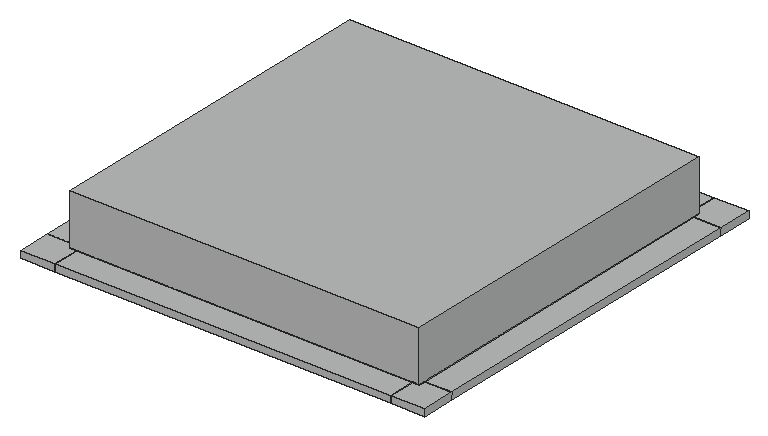
Revit family "ALUMOGIPS", category Осветительные приборы, Revit 2019 (continued)
Types (72, lengths in mm): name | Файл фотометрической сетки | built-in parameter 1150105 | Lumens | built-in parameter 1150106 | built-in parameter 1150142 | Wattage | Emit from Rectangle Width | Emit from Rectangle Length | Длина | Материал светильника | Ширина | ADSK_Ток | ADSK_Полная мощность | ADSK_Обозначение | ADSK_Номинальная мощность | ADSK_Наименование | ADSK_Масса | ADSK_Код изделия
  Alumogips-30/opal-sand 295х595 (IP54, 4000К, серый) c БАП на 1 час | "Светильник ALUMOGIPS-30 OPAL-SAND-(295x595).IES" | 198.94 (stored number, unit not read) | 2500 lm | 1.9894 (stored number, unit not read) | "IESNA:LM-63-95\r\n[TEST] Протокол №80\r\n[DATA]26.06.2016\r\n[MORE] \r\n[MANUFAC] ЗАО \"Центрстройсвет\"\r\n[LUMCAT]  Светильник ALUMOGIPS-30/OPAL-SAND-(295x595)\r\n[LUMINAIRE]\r\n[LAMPCAT] Светодиоды\r\n[LAMP] Поток источника света (светодиодов) не известен\r\n[MORE] КСС приведена в абсолютных величинах кд\r\n[MORE] Вместо потока лампы, указан поток светильника.\r\nTILT=NONE\r\n1    2420 1.0 37 73 1 2 0.295 0.595 0.04\r\n1.0 1.0 28.9\r\n0.0 5.0 10.0 15.0 20.0 25.0 30.0 35.0 40.0 45.0 50.0 55.0 60.0 65.0 70.0 75.0 80.0 85.0 90.0 95.0 100.0 105.0 110.0 115.0 120.0 125.0 130.0 135.0 140.0 145.0 150.0 155.0 160.0 165.0 170.0 175.0 180.0\r\n0.0 5.0 10.0 15.0 20.0 25.0 30.0 35.0 40.0 45.0 50.0 55.0 60.0 65.0 70.0 75.0 80.0 85.0 90.0 95.0 100.0 105.0 110.0 115.0 120.0 125.0 130.0 135.0 140.0 145.0 150.0 155.0 160.0 165.0 170.0 175.0 180.0 185.0 190.0 195.0 200.0 205.0 210.0 215.0 220.0 225.0 230.0 235.0 240.0 245.0 250.0 255.0 260.0 265.0 270.0 275.0 280.0 285.0 290.0 295.0 300.0 305.0 310.0 315.0 320.0 325.0 330.0 335.0 340.0 345.0 350.0 355.0 360.0\r\n911.1 908.3 889.4 861.2 824.6 779.8 729.1 674.3 613.8 546.0 479.1 412.2 342.1 274.7 206.6 142.5 83.1 30.5 0.2 0.0 0.0 0.0 0.0 0.0 0.0 0.0 0.0 0.0 0.0 0.0 0.0 0.0 0.0 0.0 0.0 0.0 0.0\r\n911.1 908.3 890.4 862.2 826.0 781.2 730.0 673.5 610.8 545.9 478.1 412.0 343.0 274.6 207.5 142.8 83.4 31.1 0.3 0.0 0.0 0.0 0.0 0.0 0.0 0.0 0.0 0.0 0.0 0.0 0.0 0.0 0.0 0.0 0.0 0.0 0.0\r\n911.1 908.5 890.5 862.8 826.3 781.1 729.7 670.6 612.5 548.7 480.3 412.7 344.4 275.2 207.5 143.5 83.8 31.5 0.3 0.0 0.0 0.0 0.0 0.0 0.0 0.0 0.0 0.0 0.0 0.0 0.0 0.0 0.0 0.0 0.0 0.0 0.0\r\n911.1 909.2 889.7 860.5 825.1 782.3 731.0 672.5 613.1 547.3 478.2 411.8 342.9 275.2 208.3 143.7 83.9 31.8 0.3 0.0 0.0 0.0 0.0 0.0 0.0 0.0 0.0 0.0 0.0 0.0 0.0 0.0 0.0 0.0 0.0 0.0 0.0\r\n911.1 909.0 891.0 861.5 825.6 782.4 732.7 675.9 611.0 545.2 481.9 413.1 344.4 276.1 208.3 144.0 84.6 32.0 0.3 0.0 0.0 0.0 0.0 0.0 0.0 0.0 0.0 0.0 0.0 0.0 0.0 0.0 0.0 0.0 0.0 0.0 0.0\r\n911.1 908.9 890.1 863.3 826.9 783.2 729.2 673.9 611.8 547.8 480.9 414.1 343.8 275.8 208.6 144.4 85.0 32.4 0.3 0.0 0.0 0.0 0.0 0.0 0.0 0.0 0.0 0.0 0.0 0.0 0.0 0.0 0.0 0.0 0.0 0.0 0.0\r\n911.1 908.9 890.0 862.2 828.3 782.8 731.1 675.1 614.3 547.6 481.3 413.0 345.8 276.7 208.8 145.0 85.3 32.6 0.4 0.0 0.0 0.0 0.0 0.0 0.0 0.0 0.0 0.0 0.0 0.0 0.0 0.0 0.0 0.0 0.0 0.0 0.0\r\n911.1 908.5 891.5 865.2 825.7 780.8 732.5 674.6 615.0 551.3 482.1 414.1 345.1 277.4 208.6 145.5 85.5 33.2 0.5 0.0 0.0 0.0 0.0 0.0 0.0 0.0 0.0 0.0 0.0 0.0 0.0 0.0 0.0 0.0 0.0 0.0 0.0\r\n911.1 908.2 891.4 865.6 827.3 781.0 734.3 676.9 614.9 549.4 482.0 413.8 346.2 277.0 209.5 145.9 86.0 33.8 0.4 0.0 0.0 0.0 0.0 0.0 0.0 0.0 0.0 0.0 0.0 0.0 0.0 0.0 0.0 0.0 0.0 0.0 0.0\r\n911.1 908.7 891.0 864.3 829.6 784.0 732.9 673.2 614.9 550.2 484.5 414.8 346.4 277.8 210.5 146.4 87.2 33.9 0.6 0.0 0.0 0.0 0.0 0.0 0.0 0.0 0.0 0.0 0.0 0.0 0.0 0.0 0.0 0.0 0.0 0.0 0.0\r\n911.1 909.3 890.7 863.4 828.2 782.7 733.6 675.6 617.1 551.3 485.9 416.5 347.0 279.5 211.3 147.1 87.6 34.5 0.8 0.0 0.0 0.0 0.0 0.0 0.0 0.0 0.0 0.0 0.0 0.0 0.0 0.0 0.0 0.0 0.0 0.0 0.0\r\n911.1 908.7 892.5 864.0 829.2 784.2 733.3 676.9 615.6 551.9 484.7 416.9 348.3 279.6 211.6 148.3 88.1 35.0 0.9 0.0 0.0 0.0 0.0 0.0 0.0 0.0 0.0 0.0 0.0 0.0 0.0 0.0 0.0 0.0 0.0 0.0 0.0\r\n911.1 907.6 892.1 865.2 827.4 784.6 731.8 676.8 617.7 552.8 485.1 418.8 350.7 281.3 212.5 148.4 89.0 35.7 1.0 0.0 0.0 0.0 0.0 0.0 0.0 0.0 0.0 0.0 0.0 0.0 0.0 0.0 0.0 0.0 0.0 0.0 0.0\r\n911.1 907.1 892.1 864.5 830.2 788.3 733.6 677.4 617.3 552.0 487.9 420.8 349.8 281.3 213.4 149.2 89.9 36.2 1.3 0.0 0.0 0.0 0.0 0.0 0.0 0.0 0.0 0.0 0.0 0.0 0.0 0.0 0.0 0.0 0.0 0.0 0.0\r\n911.1 907.7 891.9 865.7 828.5 785.6 735.2 678.9 620.0 555.8 488.8 421.1 351.5 282.7 215.2 149.7 90.8 36.9 1.5 0.0 0.0 0.0 0.0 0.0 0.0 0.0 0.0 0.0 0.0 0.0 0.0 0.0 0.0 0.0 0.0 0.0 0.0\r\n911.1 907.8 891.0 864.8 830.1 786.1 738.7 679.4 616.5 556.6 490.6 420.2 352.4 284.5 215.4 151.3 91.1 37.6 1.5 0.0 0.0 0.0 0.0 0.0 0.0 0.0 0.0 0.0 0.0 0.0 0.0 0.0 0.0 0.0 0.0 0.0 0.0\r\n911.1 907.6 892.2 865.5 829.8 785.3 740.8 681.1 621.3 555.2 488.2 422.8 352.5 285.0 216.2 151.5 92.2 38.3 1.9 0.0 0.0 0.0 0.0 0.0 0.0 0.0 0.0 0.0 0.0 0.0 0.0 0.0 0.0 0.0 0.0 0.0 0.0\r\n911.1 907.4 892.1 866.1 829.8 787.6 737.3 681.4 621.4 556.0 491.1 422.7 354.9 284.7 217.1 152.4 93.0 39.4 2.0 0.0 0.0 0.0 0.0 0.0 0.0 0.0 0.0 0.0 0.0 0.0 0.0 0.0 0.0 0.0 0.0 0.0 0.0\r\n911.1 907.1 892.7 864.9 831.7 788.2 738.4 680.3 623.5 555.8 491.4 423.2 354.0 286.0 218.2 152.8 93.7 40.1 1.9 0.0 0.0 0.0 0.0 0.0 0.0 0.0 0.0 0.0 0.0 0.0 0.0 0.0 0.0 0.0 0.0 0.0 0.0\r\n911.1 907.4 892.3 867.6 830.6 789.2 737.9 683.1 622.5 558.1 492.5 424.4 355.9 287.7 219.1 154.3 94.7 40.4 2.5 0.0 0.0 0.0 0.0 0.0 0.0 0.0 0.0 0.0 0.0 0.0 0.0 0.0 0.0 0.0 0.0 0.0 0.0\r\n911.1 907.5 892.4 866.9 832.1 790.0 736.6 683.9 623.3 559.4 493.1 425.9 357.0 288.4 220.1 155.2 95.3 41.1 2.6 0.0 0.0 0.0 0.0 0.0 0.0 0.0 0.0 0.0 0.0 0.0 0.0 0.0 0.0 0.0 0.0 0.0 0.0\r\n911.1 906.9 893.0 866.2 832.9 789.5 740.6 686.4 622.6 558.9 494.6 425.2 357.7 289.6 220.8 156.1 95.8 41.9 2.6 0.0 0.0 0.0 0.0 0.0 0.0 0.0 0.0 0.0 0.0 0.0 0.0 0.0 0.0 0.0 0.0 0.0 0.0\r\n911.1 906.5 892.0 867.1 832.6 789.9 741.4 686.3 627.3 561.0 497.2 429.6 357.8 290.1 222.7 156.4 96.7 42.4 3.1 0.0 0.0 0.0 0.0 0.0 0.0 0.0 0.0 0.0 0.0 0.0 0.0 0.0 0.0 0.0 0.0 0.0 0.0\r\n911.1 906.8 892.3 868.3 834.8 789.8 739.1 686.9 625.0 562.3 496.2 428.6 359.5 290.7 222.5 158.0 97.5 42.6 3.4 0.0 0.0 0.0 0.0 0.0 0.0 0.0 0.0 0.0 0.0 0.0 0.0 0.0 0.0 0.0 0.0 0.0 0.0\r\n911.1 907.7 893.1 868.2 834.1 793.7 743.1 687.9 626.4 562.8 495.5 430.8 360.5 292.6 223.4 158.6 97.7 43.5 3.3 0.0 0.0 0.0 0.0 0.0 0.0 0.0 0.0 0.0 0.0 0.0 0.0 0.0 0.0 0.0 0.0 0.0 0.0\r\n911.1 908.2 893.8 868.2 835.6 793.6 743.3 688.3 626.0 564.5 498.1 431.2 361.0 293.4 224.3 158.9 98.6 44.0 3.5 0.0 0.0 0.0 0.0 0.0 0.0 0.0 0.0 0.0 0.0 0.0 0.0 0.0 0.0 0.0 0.0 0.0 0.0\r\n911.1 906.7 894.2 868.9 835.7 792.8 743.7 688.3 628.3 564.5 497.7 430.5 361.2 293.3 224.8 160.4 99.3 44.4 3.7 0.0 0.0 0.0 0.0 0.0 0.0 0.0 0.0 0.0 0.0 0.0 0.0 0.0 0.0 0.0 0.0 0.0 0.0\r\n911.1 906.5 894.7 867.9 834.7 795.0 744.2 689.6 630.1 566.4 499.6 431.8 363.0 294.1 225.6 160.8 100.0 45.1 3.6 0.0 0.0 0.0 0.0 0.0 0.0 0.0 0.0 0.0 0.0 0.0 0.0 0.0 0.0 0.0 0.0 0.0 0.0\r\n911.1 906.5 895.1 869.9 835.9 794.8 744.6 690.7 627.4 566.4 500.2 432.4 364.0 294.7 227.0 161.2 100.6 45.6 3.8 0.0 0.0 0.0 0.0 0.0 0.0 0.0 0.0 0.0 0.0 0.0 0.0 0.0 0.0 0.0 0.0 0.0 0.0\r\n911.1 906.1 895.4 869.1 835.9 794.7 746.0 689.6 630.7 566.6 499.6 432.7 363.1 295.7 227.9 161.9 100.9 46.3 4.0 0.0 0.0 0.0 0.0 0.0 0.0 0.0 0.0 0.0 0.0 0.0 0.0 0.0 0.0 0.0 0.0 0.0 0.0\r\n911.1 906.1 894.6 870.7 836.3 795.3 746.6 689.6 632.6 567.7 500.1 432.1 364.4 296.0 227.8 162.7 101.4 46.4 4.5 0.0 0.0 0.0 0.0 0.0 0.0 0.0 0.0 0.0 0.0 0.0 0.0 0.0 0.0 0.0 0.0 0.0 0.0\r\n911.1 906.3 895.6 868.8 835.5 793.2 745.3 690.7 630.8 568.5 500.6 433.3 364.7 295.8 227.5 162.6 101.3 46.8 4.6 0.0 0.0 0.0 0.0 0.0 0.0 0.0 0.0 0.0 0.0 0.0 0.0 0.0 0.0 0.0 0.0 0.0 0.0\r\n911.1 907.0 895.4 871.8 837.5 794.5 744.5 690.6 631.8 568.8 502.5 436.2 365.6 296.2 228.3 163.9 101.9 47.1 4.6 0.0 0.0 0.0 0.0 0.0 0.0 0.0 0.0 0.0 0.0 0.0 0.0 0.0 0.0 0.0 0.0 0.0 0.0\r\n911.1 907.6 895.4 871.8 839.2 796.0 747.1 690.6 629.6 567.5 501.4 434.5 365.7 297.2 228.8 163.4 102.4 47.5 4.6 0.0 0.0 0.0 0.0 0.0 0.0 0.0 0.0 0.0 0.0 0.0 0.0 0.0 0.0 0.0 0.0 0.0 0.0\r\n911.1 906.1 895.5 871.6 838.7 794.9 748.2 694.5 632.4 570.3 502.5 434.5 365.5 297.1 229.4 164.0 102.4 47.5 4.7 0.0 0.0 0.0 0.0 0.0 0.0 0.0 0.0 0.0 0.0 0.0 0.0 0.0 0.0 0.0 0.0 0.0 0.0\r\n911.1 904.8 895.9 869.8 836.7 797.2 747.1 691.9 633.4 569.5 503.4 435.1 366.2 298.1 229.3 163.6 102.3 47.2 4.3 0.0 0.0 0.0 0.0 0.0 0.0 0.0 0.0 0.0 0.0 0.0 0.0 0.0 0.0 0.0 0.0 0.0 0.0\r\n911.1 905.3 894.0 871.2 840.2 796.2 748.3 691.8 631.5 572.4 503.6 433.5 366.8 297.9 229.2 163.3 101.8 46.8 3.8 0.0 0.0 0.0 0.0 0.0 0.0 0.0 0.0 0.0 0.0 0.0 0.0 0.0 0.0 0.0 0.0 0.0 0.0\r\n911.1 906.0 894.9 870.9 837.1 795.0 745.7 693.0 630.8 569.0 503.7 436.4 366.4 297.7 229.8 163.4 101.8 46.5 3.4 0.0 0.0 0.0 0.0 0.0 0.0 0.0 0.0 0.0 0.0 0.0 0.0 0.0 0.0 0.0 0.0 0.0 0.0\r\n911.1 905.6 893.6 871.4 839.9 797.6 749.1 691.5 633.0 570.8 502.5 434.8 366.1 296.6 228.5 162.8 101.0 46.0 2.9 0.0 0.0 0.0 0.0 0.0 0.0 0.0 0.0 0.0 0.0 0.0 0.0 0.0 0.0 0.0 0.0 0.0 0.0\r\n911.1 905.5 894.6 871.9 838.0 794.6 747.0 692.0 634.0 569.3 502.9 435.5 366.8 296.4 228.8 163.2 101.1 46.1 2.8 0.0 0.0 0.0 0.0 0.0 0.0 0.0 0.0 0.0 0.0 0.0 0.0 0.0 0.0 0.0 0.0 0.0 0.0\r\n911.1 906.2 893.1 871.0 837.2 796.8 749.0 694.0 633.1 569.5 503.5 436.7 366.4 297.6 228.4 162.6 101.3 45.7 2.8 0.0 0.0 0.0 0.0 0.0 0.0 0.0 0.0 0.0 0.0 0.0 0.0 0.0 0.0 0.0 0.0 0.0 0.0\r\n911.1 905.4 893.6 869.9 837.0 796.8 747.6 692.4 634.5 568.4 503.4 433.2 365.8 296.2 227.1 162.3 100.7 45.6 2.7 0.0 0.0 0.0 0.0 0.0 0.0 0.0 0.0 0.0 0.0 0.0 0.0 0.0 0.0 0.0 0.0 0.0 0.0\r\n911.1 905.2 893.1 870.9 837.6 799.4 749.7 694.6 632.4 569.7 501.2 433.7 366.5 296.3 227.6 162.0 100.7 45.2 2.6 0.0 0.0 0.0 0.0 0.0 0.0 0.0 0.0 0.0 0.0 0.0 0.0 0.0 0.0 0.0 0.0 0.0 0.0\r\n911.1 905.6 892.8 867.9 836.3 795.3 747.6 693.8 632.3 568.8 503.5 433.9 364.4 295.4 227.4 162.1 100.2 45.0 2.6 0.0 0.0 0.0 0.0 0.0 0.0 0.0 0.0 0.0 0.0 0.0 0.0 0.0 0.0 0.0 0.0 0.0 0.0\r\n911.1 906.0 891.2 869.4 838.7 796.6 744.5 691.3 630.5 568.4 500.5 432.6 364.8 294.7 226.6 161.5 99.4 44.6 2.4 0.0 0.0 0.0 0.0 0.0 0.0 0.0 0.0 0.0 0.0 0.0 0.0 0.0 0.0 0.0 0.0 0.0 0.0\r\n911.1 906.3 892.3 868.8 836.4 794.7 746.4 690.6 628.4 567.4 501.0 433.5 364.4 294.7 226.3 161.5 99.1 44.1 2.3 0.0 0.0 0.0 0.0 0.0 0.0 0.0 0.0 0.0 0.0 0.0 0.0 0.0 0.0 0.0 0.0 0.0 0.0\r\n911.1 906.1 891.2 870.3 836.5 796.5 746.5 691.1 630.2 565.4 501.0 432.5 361.6 293.6 224.8 160.3 98.9 43.7 2.2 0.0 0.0 0.0 0.0 0.0 0.0 0.0 0.0 0.0 0.0 0.0 0.0 0.0 0.0 0.0 0.0 0.0 0.0\r\n911.1 906.7 892.3 869.5 834.4 794.2 744.3 688.5 631.3 567.2 500.0 431.6 362.1 292.6 224.4 159.4 98.3 43.1 2.1 0.0 0.0 0.0 0.0 0.0 0.0 0.0 0.0 0.0 0.0 0.0 0.0 0.0 0.0 0.0 0.0 0.0 0.0\r\n911.1 906.3 891.7 869.3 838.3 794.6 745.1 687.7 632.2 566.3 497.6 429.3 361.9 293.2 223.9 158.7 97.6 42.4 1.9 0.0 0.0 0.0 0.0 0.0 0.0 0.0 0.0 0.0 0.0 0.0 0.0 0.0 0.0 0.0 0.0 0.0 0.0\r\n911.1 906.6 891.2 870.7 835.8 791.7 742.2 688.7 628.2 564.3 497.8 429.8 361.0 291.5 223.5 157.7 97.3 42.0 1.8 0.0 0.0 0.0 0.0 0.0 0.0 0.0 0.0 0.0 0.0 0.0 0.0 0.0 0.0 0.0 0.0 0.0 0.0\r\n911.1 906.1 891.3 868.6 834.6 791.7 744.4 685.8 625.4 562.6 496.6 428.8 360.1 290.5 222.4 157.1 96.1 41.3 1.7 0.0 0.0 0.0 0.0 0.0 0.0 0.0 0.0 0.0 0.0 0.0 0.0 0.0 0.0 0.0 0.0 0.0 0.0\r\n911.1 905.2 892.6 868.1 835.0 791.5 742.2 686.7 625.4 563.1 497.3 427.9 358.4 290.7 221.2 155.8 95.6 40.8 1.5 0.0 0.0 0.0 0.0 0.0 0.0 0.0 0.0 0.0 0.0 0.0 0.0 0.0 0.0 0.0 0.0 0.0 0.0\r\n911.1 905.3 892.8 868.0 833.0 791.3 744.3 685.1 623.6 560.5 492.9 426.5 357.2 288.9 220.3 154.7 94.8 40.1 1.3 0.0 0.0 0.0 0.0 0.0 0.0 0.0 0.0 0.0 0.0 0.0 0.0 0.0 0.0 0.0 0.0 0.0 0.0\r\n911.1 906.6 890.8 868.3 833.0 790.4 741.1 685.4 624.1 560.7 492.9 424.1 356.4 288.9 219.7 154.0 93.5 39.4 1.2 0.0 0.0 0.0 0.0 0.0 0.0 0.0 0.0 0.0 0.0 0.0 0.0 0.0 0.0 0.0 0.0 0.0 0.0\r\n911.1 907.4 891.8 866.4 833.1 790.2 739.5 683.6 621.7 561.4 494.4 424.6 356.0 287.1 219.0 153.3 92.5 38.6 1.1 0.0 0.0 0.0 0.0 0.0 0.0 0.0 0.0 0.0 0.0 0.0 0.0 0.0 0.0 0.0 0.0 0.0 0.0\r\n911.1 907.0 891.7 867.9 832.2 788.0 736.3 683.3 623.7 556.4 492.1 424.3 353.3 286.6 217.1 152.4 91.9 37.8 0.8 0.0 0.0 0.0 0.0 0.0 0.0 0.0 0.0 0.0 0.0 0.0 0.0 0.0 0.0 0.0 0.0 0.0 0.0\r\n911.1 906.8 892.1 865.5 829.5 787.9 737.3 680.4 618.9 555.6 491.7 423.2 353.3 284.2 216.2 151.5 91.3 37.0 0.7 0.0 0.0 0.0 0.0 0.0 0.0 0.0 0.0 0.0 0.0 0.0 0.0 0.0 0.0 0.0 0.0 0.0 0.0\r\n911.1 906.0 890.4 864.7 830.5 788.2 737.8 682.0 618.5 554.8 489.2 421.0 352.5 282.8 214.0 149.9 90.1 36.6 0.6 0.0 0.0 0.0 0.0 0.0 0.0 0.0 0.0 0.0 0.0 0.0 0.0 0.0 0.0 0.0 0.0 0.0 0.0\r\n911.1 905.1 891.5 865.2 828.0 784.8 738.1 677.5 619.3 553.0 488.5 419.0 350.1 282.1 214.0 149.5 89.3 35.6 0.4 0.0 0.0 0.0 0.0 0.0 0.0 0.0 0.0 0.0 0.0 0.0 0.0 0.0 0.0 0.0 0.0 0.0 0.0\r\n911.1 906.0 891.6 863.4 826.4 784.8 735.2 679.4 616.1 553.3 487.5 418.1 349.5 281.2 213.4 148.4 88.5 34.8 0.3 0.0 0.0 0.0 0.0 0.0 0.0 0.0 0.0 0.0 0.0 0.0 0.0 0.0 0.0 0.0 0.0 0.0 0.0\r\n911.1 906.8 890.4 864.5 828.0 784.0 735.1 678.8 616.8 551.9 484.6 417.7 349.7 279.3 211.1 147.6 87.7 34.2 0.3 0.0 0.0 0.0 0.0 0.0 0.0 0.0 0.0 0.0 0.0 0.0 0.0 0.0 0.0 0.0 0.0 0.0 0.0\r\n911.1 907.5 888.8 862.0 826.9 780.2 732.3 675.0 614.9 551.2 485.3 416.4 346.6 278.8 211.6 146.2 86.7 33.6 0.2 0.0 0.0 0.0 0.0 0.0 0.0 0.0 0.0 0.0 0.0 0.0 0.0 0.0 0.0 0.0 0.0 0.0 0.0\r\n911.1 907.5 889.7 863.2 826.6 785.1 732.2 672.0 614.2 551.3 484.5 416.7 346.2 277.6 210.1 145.9 85.8 32.8 0.2 0.0 0.0 0.0 0.0 0.0 0.0 0.0 0.0 0.0 0.0 0.0 0.0 0.0 0.0 0.0 0.0 0.0 0.0\r\n911.1 907.3 890.1 863.9 825.1 780.0 730.7 678.4 612.1 549.9 481.9 414.5 344.9 276.9 209.3 145.1 85.2 32.3 0.1 0.0 0.0 0.0 0.0 0.0 0.0 0.0 0.0 0.0 0.0 0.0 0.0 0.0 0.0 0.0 0.0 0.0 0.0\r\n911.1 908.5 889.1 862.4 825.5 781.7 731.2 672.6 612.0 547.6 482.4 413.8 345.8 275.4 208.5 144.0 84.8 31.6 0.1 0.0 0.0 0.0 0.0 0.0 0.0 0.0 0.0 0.0 0.0 0.0 0.0 0.0 0.0 0.0 0.0 0.0 0.0\r\n911.1 908.0 889.3 861.7 824.9 780.9 731.0 672.8 611.9 545.5 481.0 411.8 343.3 274.8 207.7 143.4 84.0 31.2 0.1 0.0 0.0 0.0 0.0 0.0 0.0 0.0 0.0 0.0 0.0 0.0 0.0 0.0 0.0 0.0 0.0 0.0 0.0\r\n911.1 906.5 887.9 861.2 824.2 781.5 729.8 672.2 609.7 547.2 479.7 411.1 343.5 274.5 206.8 143.2 83.6 30.7 0.1 0.0 0.0 0.0 0.0 0.0 0.0 0.0 0.0 0.0 0.0 0.0 0.0 0.0 0.0 0.0 0.0 0.0 0.0\r\n911.1 906.8 888.0 859.9 826.4 781.3 727.9 671.1 610.9 546.9 478.6 411.5 342.5 274.4 207.1 142.8 83.0 30.3 0.1 0.0 0.0 0.0 0.0 0.0 0.0 0.0 0.0 0.0 0.0 0.0 0.0 0.0 0.0 0.0 0.0 0.0 0.0\r\n911.1 907.2 889.6 859.4 824.1 778.8 730.0 672.0 610.3 544.9 478.2 410.6 341.6 274.5 206.3 141.9 82.8 30.0 0.1 0.0 0.0 0.0 0.0 0.0 0.0 0.0 0.0 0.0 0.0 0.0 0.0 0.0 0.0 0.0 0.0 0.0 0.0\r\n911.1 908.0 888.9 861.7 823.7 778.6 726.6 673.0 609.3 546.3 478.0 409.7 341.7 273.2 206.1 141.7 82.2 29.9 0.0 0.0 0.0 0.0 0.0 0.0 0.0 0.0 0.0 0.0 0.0 0.0 0.0 0.0 0.0 0.0 0.0 0.0 0.0\r\n911.1 908.5 889.0 862.2 823.5 778.2 729.5 669.6 608.8 545.8 478.2 411.0 340.7 272.7 206.2 142.0 82.2 29.8 0.1 0.0 0.0 0.0 0.0 0.0 0.0 0.0 0.0 0.0 0.0 0.0 0.0 0.0 0.0 0.0 0.0 0.0 0.0\r\n911.1 908.3 889.7 863.3 826.0 781.1 728.4 671.9 608.5 545.7 478.5 410.8 342.7 273.4 205.7 141.8 82.4 30.1 0.2 0.0 0.0 0.0 0.0 0.0 0.0 0.0 0.0 0.0 0.0 0.0 0.0 0.0 0.0 0.0 0.0 0.0 0.0\r\n911.1 908.3 889.4 861.2 824.6 779.8 729.1 674.3 613.8 546.0 479.1 412.2 342.1 274.7 206.6 142.5 83.1 30.5 0.2 0.0 0.0 0.0 0.0 0.0 0.0 0.0 0.0 0.0 0.0 0.0 0.0 0.0 0.0 0.0 0.0 0.0 0.0\r\n" | 16.8303 W | 275 | 575 | 595 | RAL 9006 | 295 | 0.141777 A | 32.6087 VA | "Alumogips-30/opal-sand 295х595 (IP54, 4000К, серый)" | 30 W | "Встраиваемый светодиодный светильник Alumogips-30/opal-sand 295х595 (IP54, 4000К, серый) c БАП на 1 час" | 1.3 | "ЦБ000007773"
